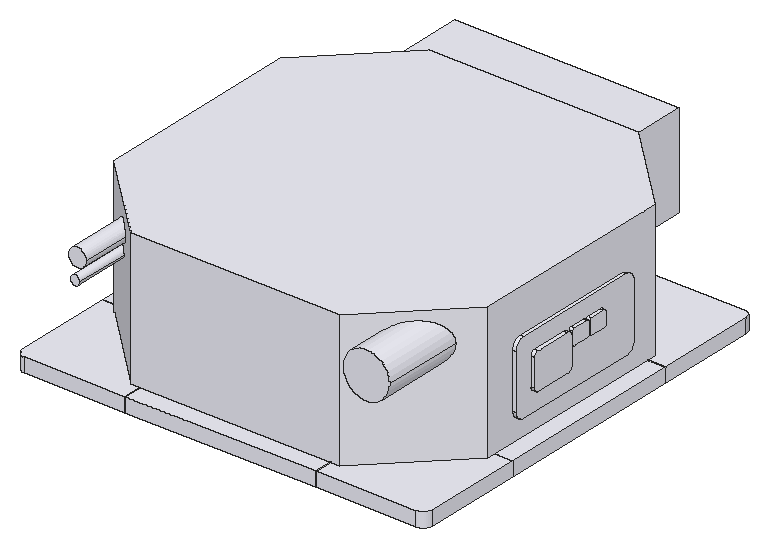
Revit family
Parameters (values of type "PLFY-P08NCMU-E")
  Width = 22 7/16"  # constant formula
  Unit Weight (LBS) = "34"
  Subcategory = "HVAC"
  Standard Air Filter = "Polypropylene Honeycomb"  # constant formula
  Specification URL = "http://www.mrslim.com/customerCare/resources.asp"
  Sound Pressure Levels (dB(A)) = "29-32-38"
  SmartBIM Object Version = 3  # constant formula
  SmartBIM Object Created BY = "Reed Construction Data"  # constant formula
  Refirigerant Pipe diameter (Liquid) = 1/4"
  Refirigerant Pipe diameter (Gas) = 1/2"
  Power Source = "208/230, 1, 60"
  Power Consumption Heating = "0.05 kW"
  Power Consumption Cooling = "0.05 kW"
  Model = "PLFY-P08NCMU-E"
  Manufacturer URL = "http://www.mrslim.com/customerCare/resources.asp"
  Manufacturer = "Mitsubishi Electric"  # constant formula
  MOCP = "15"  # constant formula
  MCA = "0.29"
  Installation URL = "http://www.mrslim.com/customerCare/resources.asp"
  Height = 8 3/16"  # constant formula
  Heating Indoor = "70°F (21°C) DB, Outdoor 47°F (8°C) DB / 43°F (6°C) WB"
  Heating Capacity (BTU) = "9000"
  Grille Net Weight = "13 lbs. / 6 kg"  # constant formula
  General FEATURES-10 = "i-see sensor option uses infrared rays to search for hot"  # constant formula
  General FEATURES-09 = "Multiple sizes up to 36,000 Btu/h"  # constant formula
  General FEATURES-08 = "Outside air capability"  # constant formula
  General FEATURES-07 = "Built-in condensate lift mechanism; lifts to 33-1/2 in."  # constant formula
  General FEATURES-06 = "Corner-pocket design for simplified installation"  # constant formula
  General FEATURES-05 = "Four-speed fan settings and auto fan speed adjustment mode"  # constant formula
  General FEATURES-04 = "Auto wave airflow in heating mode—unit independently"  # constant formula
  General FEATURES-03 = "Customizable wide airflow pattern enables better air"  # constant formula
  General FEATURES-02 = "Lightweight, low-profile compact design"  # constant formula
  General FEATURES-01 = "R410A or R22 refrigerant-compatible"  # constant formula
  Flared Connection 2 = "1/2\""
  Flared Connection 1 = "1/4\""
  Fan capacity (CFM) = "280-320-350"
  Fan Type*Quantity = "Turbo Fan x 1"  # constant formula
  Fan Motor Type = "DC Motor"  # constant formula
  Fan Motor Output = "0.050 kW"  # constant formula
  Emergency Drain Radius = 2 1/8"
  Drain Pipe Radius = 1 1/4"
  Drain Pipe Outer Radius = Drain Pipe Radius + 1/8"  # 1 3/8"
  Description = "Ceiling Recessed Units"  # constant formula
  D = 2 117/128"
  Cut Out Hole Radius = Cut Out Hole Dia / 2  # 1 7/16"
  Cut Out Hole Dia = 2 7/8"
  Current Heating = "0.23 A "
  Current Cooling = "0.23 A "
  Cooling Indoor = "80°F (27°C) DB / 67°F (19°C) WB, Outdoor 95°F (35°C) DB"
  Cooling Capacity (BTU) = "8000"
  C = 3 19/128"
  Auto Vane Air Outlet Width = 2 1/4"  # constant formula
  Auto Vane Air Outlet Length = 10"  # constant formula
  Assembly Code = "D3050200"
  Air Intake Grille = Grille
  Grille Material = Grille
  Depth = 22 7/16"  # constant formula
  Air Inlet Width = 15"  # constant formula
  Air Inlet Height = 15"  # constant formula
  95 CSI = "15760"  # constant formula
  04 CSI = "23 82 19"  # constant formula
  (Option) i-see Sensor Corner Panel = "PAC-SA1ME-E"  # constant formula
  (Option) Wireless Signal Receiver = "PAR-SA9FA-E"  # constant formula
  (Option) Space Panel = "PAC-SH48AS-E"  # constant formula
  (Option) Multi-function Casement = "PAC-SH53TM-E"  # constant formula
  (Option) High-Efficiency Filter (MERV 10) = "AC-SH59KF-E"  # constant formula
  (Option) Flange for Ventilation Air Intake = "PAC-SH65OF-E"  # constant formula
  (Option) Air Outlet Shutter Plate (2 pieces) = "PAC-SH51SP-E"  # constant formula
Types (4): name | Unit Weight (LBS) | Sound Pressure Levels (dB(A)) | Model | MCA | Heating Capacity (BTU) | Fan capacity (CFM) | Cooling Capacity (BTU)
  (no name) | "34" | "29-32-38" | "PLFY-P08NCMU-E" | "0.29" | "9000" | "280-320-350" | "8000"
  PLFY-P08NCMU-E | "34" | "29-32-38" | "PLFY-P08NCMU-E" | "0.29" | "9000" | "280-320-350" | "8000"
  PLFY-P12NCMU-E | "37" | "30-34-39" | "PLFY-P12NCMU-E" | "0.35" | "13500" | "320-350-390" | "12000"
  PLFY-P15NCMU-E | "37" | "31-35-40" | "PLFY-P15NCMU-E" | "0.35" | "17000" | "320-350-390" | "15000"
Reference planes (in)
  plane 1 "Center (Front/Back)": y = -2.70162
  plane 2 "Ceiling": z = 96
  plane 3 "Center (Left/Right)": x = 0.20867
  plane 4: x = -11.01008
  plane 5: x = 11.42742
  plane 6: y = 8.51713
  plane 7: y = -13.92037
  plane 8: z = 103.40625
  plane 9: z = 95.21875
  plane 10: x = 5.42742
  plane 11: x = -5.01008
  plane 12: x = -6.51008
  plane 13: x = 6.92742
  plane 14: y = -9.42037
  plane 15: y = 4.01713
  plane 16: y = 3.29838
  plane 17: y = -7.92037
  plane 18: z = 102.90625
  plane 19: z = 97.75
  plane 20: y = 2.51713
Forms (in)
  Extrusion 1, solid, material "Grille" <- "Grille Material"
    sketch origin (0, 0, 96) x (1, 0, 0) y (0, 1, 0)
      loop
        line (-5.01008, 2.79838) -> (-5.01008, -7.42037)
        arc (-5.01008, -7.42037) -> (-4.86363, -7.77392) -> (-4.51008, -7.92037) r 0.5
        line (-4.51008, -7.92037) -> (4.92742, -7.92037)
        arc (4.92742, -7.92037) -> (5.28097, -7.77392) -> (5.42742, -7.42037) r 0.5
        line (5.42742, -7.42037) -> (5.42742, 2.79838)
        arc (5.42742, 2.79838) -> (5.28097, 3.15194) -> (4.92742, 3.29838) r 0.5
        line (4.92742, 3.29838) -> (-4.51008, 3.29838)
        arc (-4.51008, 3.29838) -> (-4.86363, 3.15194) -> (-5.01008, 2.79838) r 0.5
      loop
        line (-6.79133, -10.20162) -> (7.20867, -10.20162)
        arc (7.20867, -10.20162) -> (7.56222, -10.05517) -> (7.70867, -9.70162) r 0.5
        line (7.70867, -9.70162) -> (7.70867, 4.29838)
        arc (7.70867, 4.29838) -> (7.56222, 4.65194) -> (7.20867, 4.79838) r 0.5
        line (7.20867, 4.79838) -> (-6.79133, 4.79838)
        arc (-6.79133, 4.79838) -> (-7.14488, 4.65194) -> (-7.29133, 4.29838) r 0.5
        line (-7.29133, 4.29838) -> (-7.29133, -9.70162)
        arc (-7.29133, -9.70162) -> (-7.14488, -10.05517) -> (-6.79133, -10.20162) r 0.5
    from -0.78125 to 0
  Extrusion 2, solid, material "Grille" <- "Grille Material"
    sketch origin (0, 0, 96) x (1, 0, 0) y (0, 1, 0)
      loop
        line (-10.51008, -13.92037) -> (-5.01008, -13.92037) -> (-5.01008, -10.20162) -> (-6.79133, -10.20162)
        arc (-6.79133, -10.20162) -> (-7.14488, -10.05517) -> (-7.29133, -9.70162) r 0.5
        line (-7.29133, -9.70162) -> (-7.29133, -7.92037) -> (-11.01008, -7.92037) -> (-11.01008, -13.42037)
        arc (-11.01008, -13.42037) -> (-10.86363, -13.77392) -> (-10.51008, -13.92037) r 0.5
      loop
        arc (10.92742, -13.92037) -> (11.28097, -13.77392) -> (11.42742, -13.42037) r 0.5
        line (11.42742, -13.42037) -> (11.42742, -7.92037) -> (7.70867, -7.92037) -> (7.70867, -9.70162)
        arc (7.70867, -9.70162) -> (7.56222, -10.05517) -> (7.20867, -10.20162) r 0.5
        line (7.20867, -10.20162) -> (5.42742, -10.20162) -> (5.42742, -13.92037) -> (10.92742, -13.92037)
      loop
        arc (-10.51008, 8.51713) -> (-10.86363, 8.37069) -> (-11.01008, 8.01713) r 0.5
        line (-11.01008, 8.01713) -> (-11.01008, 2.51713) -> (-7.29133, 2.51713) -> (-7.29133, 4.29838)
        arc (-7.29133, 4.29838) -> (-7.14488, 4.65194) -> (-6.79133, 4.79838) r 0.5
        line (-6.79133, 4.79838) -> (-5.01008, 4.79838) -> (-5.01008, 8.51713) -> (-10.51008, 8.51713)
      loop
        line (10.92742, 8.51713) -> (5.42742, 8.51713) -> (5.42742, 4.79838) -> (7.20867, 4.79838)
        arc (7.20867, 4.79838) -> (7.56222, 4.65194) -> (7.70867, 4.29838) r 0.5
        line (7.70867, 4.29838) -> (7.70867, 2.51713) -> (11.42742, 2.51713) -> (11.42742, 8.01713)
        arc (11.42742, 8.01713) -> (11.28097, 8.37069) -> (10.92742, 8.51713) r 0.5
    from -0.78125 to 0
  Extrusion 3, solid, material "Grille" <- "Grille Material"
    sketch origin (0, 0, 96) x (1, 0, 0) y (0, 1, 0)
      loop
        line (-11.01008, 2.51713) -> (-11.01008, -7.92037) -> (-8.76008, -7.92037) -> (-8.76008, 2.51713) -> (-11.01008, 2.51713)
      loop
        line (11.42742, 2.51713) -> (9.17742, 2.51713) -> (9.17742, -7.92037) -> (11.42742, -7.92037) -> (11.42742, 2.51713)
      loop
        line (-5.01008, 8.51713) -> (-5.01008, 6.26713) -> (5.42742, 6.26713) -> (5.42742, 8.51713) -> (-5.01008, 8.51713)
      loop
        line (-5.01008, -13.92037) -> (5.42742, -13.92037) -> (5.42742, -11.67037) -> (-5.01008, -11.67037) -> (-5.01008, -13.92037)
    from -0.78125 to 0
  Extrusion 4, solid, material "Grille" <- "Grille Material"
    sketch origin (0.20867, 0.03323, 0) x (0, 1, 0) y (0, 0, 1)
      loop
        line (3.14355, 96) -> (3.04148, 96) -> (2.49444, 95.21875) -> (2.59651, 95.21875) -> (3.14355, 96)
    from -5.21875 to 5.21875
  Extrusion 5, solid, material "Grille" <- "Grille Material"
    sketch origin (0.20867, -10.74309, 0) x (0, 1, 0) y (0, 0, 1)
      loop
        line (3.9248, 96) -> (3.82273, 96) -> (3.27569, 95.21875) -> (3.37776, 95.21875) -> (3.9248, 96)
    from -5.21875 to 5.21875
  Extrusion 6, solid, material "Grille" <- "Grille Material"
    sketch origin (0.20867, -0.56545, 0) x (0, 1, 0) y (0, 0, 1)
      loop
        line (3.14355, 96) -> (3.04148, 96) -> (2.49444, 95.21875) -> (2.59651, 95.21875) -> (3.14355, 96)
    from -5.21875 to 5.21875
  Extrusion 7, solid, material "Grille" <- "Grille Material"
    sketch origin (0.20867, -1.16414, 0) x (0, 1, 0) y (0, 0, 1)
      loop
        line (3.14355, 96) -> (3.04148, 96) -> (2.49444, 95.21875) -> (2.59651, 95.21875) -> (3.14355, 96)
    from -5.21875 to 5.21875
  Extrusion 8, solid, material "Grille" <- "Grille Material"
    sketch origin (0.20867, -1.76282, 0) x (0, 1, 0) y (0, 0, 1)
      loop
        line (3.14355, 96) -> (3.04148, 96) -> (2.49444, 95.21875) -> (2.59651, 95.21875) -> (3.14355, 96)
    from -5.21875 to 5.21875
  Extrusion 9, solid, material "Grille" <- "Grille Material"
    sketch origin (0.20867, -2.36151, 0) x (0, 1, 0) y (0, 0, 1)
      loop
        line (3.14355, 96) -> (3.04148, 96) -> (2.49444, 95.21875) -> (2.59651, 95.21875) -> (3.14355, 96)
    from -5.21875 to 5.21875
  Extrusion 10, solid, material "Grille" <- "Grille Material"
    sketch origin (0.20867, -2.96019, 0) x (0, 1, 0) y (0, 0, 1)
      loop
        line (3.14355, 96) -> (3.04148, 96) -> (2.49444, 95.21875) -> (2.59651, 95.21875) -> (3.14355, 96)
    from -5.21875 to 5.21875
  Extrusion 11, solid, material "Grille" <- "Grille Material"
    sketch origin (0.20867, -3.55888, 0) x (0, 1, 0) y (0, 0, 1)
      loop
        line (3.14355, 96) -> (3.04148, 96) -> (2.49444, 95.21875) -> (2.59651, 95.21875) -> (3.14355, 96)
    from -5.21875 to 5.21875
  Extrusion 12, solid, material "Grille" <- "Grille Material"
    sketch origin (0.20867, -4.15756, 0) x (0, 1, 0) y (0, 0, 1)
      loop
        line (3.14355, 96) -> (3.04148, 96) -> (2.49444, 95.21875) -> (2.59651, 95.21875) -> (3.14355, 96)
    from -5.21875 to 5.21875
  Extrusion 13, solid, material "Grille" <- "Grille Material"
    sketch origin (0.20867, -4.75625, 0) x (0, 1, 0) y (0, 0, 1)
      loop
        line (3.14355, 96) -> (3.04148, 96) -> (2.49444, 95.21875) -> (2.59651, 95.21875) -> (3.14355, 96)
    from -5.21875 to 5.21875
  Extrusion 14, solid, material "Grille" <- "Grille Material"
    sketch origin (0.20867, -5.35493, 0) x (0, 1, 0) y (0, 0, 1)
      loop
        line (3.14355, 96) -> (3.04148, 96) -> (2.49444, 95.21875) -> (2.59651, 95.21875) -> (3.14355, 96)
    from -5.21875 to 5.21875
  Extrusion 15, solid, material "Grille" <- "Grille Material"
    sketch origin (0.20867, -5.95362, 0) x (0, 1, 0) y (0, 0, 1)
      loop
        line (3.14355, 96) -> (3.04148, 96) -> (2.49444, 95.21875) -> (2.59651, 95.21875) -> (3.14355, 96)
    from -5.21875 to 5.21875
  Extrusion 16, solid, material "Grille" <- "Grille Material"
    sketch origin (0.20867, -6.5523, 0) x (0, 1, 0) y (0, 0, 1)
      loop
        line (3.14355, 96) -> (3.04148, 96) -> (2.49444, 95.21875) -> (2.59651, 95.21875) -> (3.14355, 96)
    from -5.21875 to 5.21875
  Extrusion 17, solid, material "Grille" <- "Grille Material"
    sketch origin (0.20867, -7.15099, 0) x (0, 1, 0) y (0, 0, 1)
      loop
        line (3.14355, 96) -> (3.04148, 96) -> (2.49444, 95.21875) -> (2.59651, 95.21875) -> (3.14355, 96)
    from -5.21875 to 5.21875
  Extrusion 18, solid, material "Grille" <- "Grille Material"
    sketch origin (0.20867, -8.34835, 0) x (0, 1, 0) y (0, 0, 1)
      loop
        line (3.9248, 96) -> (3.82273, 96) -> (3.27569, 95.21875) -> (3.37776, 95.21875) -> (3.9248, 96)
    from -5.21875 to 5.21875
  Extrusion 19, solid, material "Grille" <- "Grille Material"
    sketch origin (0.20867, -8.94704, 0) x (0, 1, 0) y (0, 0, 1)
      loop
        line (3.9248, 96) -> (3.82273, 96) -> (3.27569, 95.21875) -> (3.37776, 95.21875) -> (3.9248, 96)
    from -5.21875 to 5.21875
  Extrusion 20, solid, material "Grille" <- "Grille Material"
    sketch origin (0.20867, -9.54572, 0) x (0, 1, 0) y (0, 0, 1)
      loop
        line (3.9248, 96) -> (3.82273, 96) -> (3.27569, 95.21875) -> (3.37776, 95.21875) -> (3.9248, 96)
    from -5.21875 to 5.21875
  Extrusion 21, solid, material "Grille" <- "Grille Material"
    sketch origin (0.20867, -10.14441, 0) x (0, 1, 0) y (0, 0, 1)
      loop
        line (3.9248, 96) -> (3.82273, 96) -> (3.27569, 95.21875) -> (3.37776, 95.21875) -> (3.9248, 96)
    from -5.21875 to 5.21875
  Extrusion 22, solid, material "Grille" <- "Grille Material"
    sketch origin (-0.36105, -2.70162, 0) x (1, 0, 0) y (0, 0, 1)
      loop
        line (-7.81985, 96) -> (-7.99243, 96) -> (-7.33688, 95.21875) -> (-7.16431, 95.21875) -> (-7.81985, 96)
    from -5.21875 to 5.21875
  Extrusion 23, solid, material "Grille" <- "Grille Material"
    sketch origin (0.70097, -2.70162, 0) x (-1, 0, 0) y (0, 0, -1)
      loop
        line (-8.06985, -96) -> (-7.41431, -95.21875) -> (-7.58688, -95.21875) -> (-8.24243, -96) -> (-8.06985, -96)
    from -5.21875 to 5.21875
  Extrusion 24, solid, material "Grille" <- "Grille Material"
    sketch origin (0.20867, -2.3819, 0) x (0, -1, 0) y (0, 0, -1)
      loop
        line (-8.06985, -96) -> (-7.41431, -95.21875) -> (-7.58688, -95.21875) -> (-8.24243, -96) -> (-8.06985, -96)
    from -5.21875 to 5.21875
  Extrusion 25, solid, material "Grille" <- "Grille Material"
    sketch origin (0.20867, -3.02133, 0) x (0, 1, 0) y (0, 0, 1)
      loop
        line (-8.06985, 96) -> (-8.24243, 96) -> (-7.58688, 95.21875) -> (-7.41431, 95.21875) -> (-8.06985, 96)
    from -5.21875 to 5.21875
  Extrusion 26, solid, material "Grille" <- "Grille Material"
    sketch origin (0, 0, 96) x (1, 0, 0) y (0, 1, 0)
      loop
        line (-10.01008, -8.42037) -> (-5.51008, -12.92037) -> (5.92742, -12.92037) -> (10.42742, -8.42037) -> (10.42742, 3.01713) -> (5.92742, 7.51713) -> (-5.51008, 7.51713) -> (-10.01008, 3.01713) -> (-10.01008, -8.42037)
    from 0 to 7.40625
  Extrusion 27, solid, material "Grille" <- "Grille Material"
    sketch origin (0, -2.70162, 0) x (1, 0, 0) y (0, 0, 1)
      loop
        circle (-7.72883, 100.75) r 0.25
      loop
        circle (-7.60383, 101.90625) r 0.5
    from 6.71875 to 11.21875
  Extrusion 28, solid, material "Grille" <- "Grille Material"
    sketch origin (0, -2.70162, 0) x (1, 0, 0) y (0, 0, 1)
      loop
        circle (8.20867, 101.69465) r 1.25
    from 5.21875 to 11.21875
  Extrusion 29, solid, material "Grille" <- "Grille Material"
    sketch origin (0, 0, 96) x (1, 0, 0) y (0, 1, 0)
      loop
        line (5.42742, 7.51713) -> (5.42742, 10.95463) -> (-6.85383, 10.95463) -> (-6.85383, 7.51713) -> (5.42742, 7.51713)
    from 1.75 to 6.90625
  Extrusion 30, solid, material "Grille" <- "Grille Material"
    sketch origin (0.20867, 0, 0) x (0, 1, 0) y (0, 0, 1)
      loop
        line (0.7664, 101.06675) -> (-6.2336, 101.06675)
        arc (-6.2336, 101.06675) -> (-6.58715, 100.9203) -> (-6.7336, 100.56675) r 0.5
        line (-6.7336, 100.56675) -> (-6.7336, 97.56675)
        arc (-6.7336, 97.56675) -> (-6.58715, 97.21319) -> (-6.2336, 97.06675) r 0.5
        line (-6.2336, 97.06675) -> (0.7664, 97.06675)
        arc (0.7664, 97.06675) -> (1.11995, 97.21319) -> (1.2664, 97.56675) r 0.5
        line (1.2664, 97.56675) -> (1.2664, 100.56675)
        arc (1.2664, 100.56675) -> (1.11995, 100.9203) -> (0.7664, 101.06675) r 0.5
    from 10.21875 to 10.46875
  Extrusion 31, solid, material "Grille" <- "Grille Material"
    sketch origin (0.20867, 0, 0) x (0, 1, 0) y (0, 0, 1)
      loop
        arc (-5.54209, 100.18339) -> (-5.71886, 100.11017) -> (-5.79209, 99.93339) r 0.25
        line (-5.79209, 99.93339) -> (-5.79209, 98.43339)
        arc (-5.79209, 98.43339) -> (-5.71886, 98.25661) -> (-5.54209, 98.18339) r 0.25
        line (-5.54209, 98.18339) -> (-3.54209, 98.18339)
        arc (-3.54209, 98.18339) -> (-3.36531, 98.25661) -> (-3.29209, 98.43339) r 0.25
        line (-3.29209, 98.43339) -> (-3.29209, 99.93339)
        arc (-3.29209, 99.93339) -> (-3.36531, 100.11017) -> (-3.54209, 100.18339) r 0.25
        line (-3.54209, 100.18339) -> (-5.54209, 100.18339)
      loop
        arc (-3.06205, 100.18339) -> (-3.13577, 100.15286) -> (-3.1663, 100.07914) r 0.10425
        line (-3.1663, 100.07914) -> (-3.1663, 99.44615)
        arc (-3.1663, 99.44615) -> (-3.13577, 99.37244) -> (-3.06205, 99.3419) r 0.10425
        line (-3.06205, 99.3419) -> (-2.22809, 99.3419)
        arc (-2.22809, 99.3419) -> (-2.15437, 99.37244) -> (-2.12384, 99.44615) r 0.10425
        line (-2.12384, 99.44615) -> (-2.12384, 100.07914)
        arc (-2.12384, 100.07914) -> (-2.15437, 100.15286) -> (-2.22809, 100.18339) r 0.10425
        line (-2.22809, 100.18339) -> (-3.06205, 100.18339)
      loop
        arc (-1.89381, 100.18339) -> (-1.96752, 100.15286) -> (-1.99805, 100.07914) r 0.10425
        line (-1.99805, 100.07914) -> (-1.99805, 99.44615)
        arc (-1.99805, 99.44615) -> (-1.96752, 99.37244) -> (-1.89381, 99.3419) r 0.10425
        line (-1.89381, 99.3419) -> (-1.05984, 99.3419)
        arc (-1.05984, 99.3419) -> (-0.98612, 99.37244) -> (-0.95559, 99.44615) r 0.10425
        line (-0.95559, 99.44615) -> (-0.95559, 100.07914)
        arc (-0.95559, 100.07914) -> (-0.98612, 100.15286) -> (-1.05984, 100.18339) r 0.10425
        line (-1.05984, 100.18339) -> (-1.89381, 100.18339)
    from 10.46875 to 10.71875
Cuts and joins
  joined: Extrusion 26, Extrusion 27, Extrusion 28
Lines and regions (in)
  Opening 1
    outline origin (-59.79133, 57.29838, 96.5) x (-1, 0, 0) y (0, -1, 0)
      loop
        line (-49.78125, 54.28125) -> (-49.78125, 65.71875) -> (-54.28125, 70.21875) -> (-65.71875, 70.21875) -> (-70.21875, 65.71875) -> (-70.21875, 54.28125) -> (-65.71875, 49.78125) -> (-54.28125, 49.78125) -> (-49.78125, 54.28125)
  sketch lines
    curve 1: line (-59.79133, 57.29838, 0) -> (60.20867, 57.29838, 0)
    curve 2: line (-59.79133, 57.29838, 0) -> (-59.79133, -62.70162, 0)
    curve 3: line (-59.79133, -62.70162, 0) -> (60.20867, -62.70162, 0)
    curve 4: line (60.20867, 57.29838, 0) -> (60.20867, -62.70162, 0)
Dimensions and locks (in)
  equal spacing: curve 2, plane 3 "Center (Left/Right)", curve 4
  equal spacing: curve 3, plane 1 "Center (Front/Back)", curve 1
  curve 2 to curve 4 = 120"
  curve 3 to curve 1 = 120"
  equal spacing: plane 6, plane 1 "Center (Front/Back)", plane 7
  "Depth": plane 6 to plane 7
  equal spacing: plane 4, plane 3 "Center (Left/Right)", plane 5
  "Width": plane 4 to plane 5
  locked: plane 2 "Ceiling" to plane 9 at 0.78125
  locked: plane 4 to plane 11 at 6
  locked: plane 10 to plane 5 at 6
  locked: plane 12 to plane 11 at 1.5
  locked: plane 10 to plane 13 at 1.5
  locked: plane 6 to plane 15 at 4.5
  plane 17 to plane 14 to plane 7 = 1 1/2" locked, 4 1/2" locked
  plane 11 to Extrusion 2 sketch curve = 0"
  plane 17 to Extrusion 2 sketch curve = 0"
  Extrusion 2 sketch curve to plane 14 = 9/32"
  Extrusion 2 sketch curve to plane 12 = 9/32"
  Extrusion 2 sketch curve to plane 10 = 0"
  locked: Extrusion 3 sketch curve to Extrusion 3 sketch curve at 2.25  (x4)
  locked: Extrusion 26 sketch curve to plane 5 at 1
  locked: Extrusion 26 sketch curve to plane 7 at 1
  locked: plane 4 to Extrusion 26 sketch curve at 1
  locked: plane 6 to Extrusion 26 sketch curve at 1
  locked: Extrusion 26 sketch curve to Extrusion 26 sketch curve at 6.36396  (x4)
  "Height": plane 8 to plane 9
  plane 8 to plane 2 "Ceiling" = 7 13/32"
  locked: Extrusion 27 sketch curve to plane 2 "Ceiling" at 4.75
  locked: plane 3 "Center (Left/Right)" to Extrusion 27 sketch curve at 7.9375
  locked: plane 8 to Extrusion 27 sketch curve at 1.5
  locked: Extrusion 27 sketch curve to plane 4 at 3.40625
  locked: plane 8 to Extrusion 28 sketch curve at 1.7116
  locked: plane 8 to plane 18 at 0.5
  locked: plane 18 to plane 19 at 5.15625
  plane 8 to Extrusion 30 sketch curve to Extrusion 30 sketch curve = 2.3395" locked, 4" locked
  Extrusion 30 sketch curve to plane 1 "Center (Front/Back)" to Extrusion 30 sketch curve = 4.03199" locked, 3.96801" locked
  locked: Extrusion 30 sketch curve to Extrusion 30 sketch curve at 0.70711  (x4)
  locked: Extrusion 30 to cut or joined group of Extrusion 26, Extrusion 27, Extrusion 28 at 0.25
  Extrusion 30 to Extrusion 31 sketch curve to Extrusion 31 sketch curve to Extrusion 31 sketch curve to Extrusion 31 sketch curve to Extrusion 31 sketch curve to Extrusion 31 sketch curve = 0.94151" locked, 2 1/2" locked, 0.12579" locked, 1.04246" locked, 0.12579" locked, 1.04246" locked
  Extrusion 30 to Extrusion 31 sketch curve to Extrusion 31 sketch curve to Extrusion 31 sketch curve = 0.88336" locked, 0.84149" locked, 1.15851" locked
  locked: Extrusion 31 to Extrusion 30 at 0.25
  plane 12 to plane 13 = 13 7/16"
  locked: plane 15 to plane 20 at 1.5
  locked: Extrusion 2 sketch curve to Extrusion 2 sketch curve at 0.70711  (x4)
  Extrusion 22 sketch curve to Extrusion 3 = 0.4066"
  locked: Extrusion 28 sketch curve to plane 3 "Center (Left/Right)" at 8
  "Refirigerant Pipe diameter (Liquid)": radius of Extrusion 27 sketch curve
  "Refirigerant Pipe diameter (Gas)": radius of Extrusion 27 sketch curve
  "Drain Pipe Radius": radius of Extrusion 28 sketch curve
  aligned and locked: Extrusion 1 sketch curve to plane 11
  aligned and locked: Extrusion 1 sketch curve to plane 16
  aligned and locked: Extrusion 1 sketch curve to plane 10
  aligned and locked: Extrusion 1 sketch curve to plane 17
  aligned and locked: plane 2 "Ceiling" to Extrusion 1
  aligned and locked: Extrusion 1 to plane 9
  aligned and locked: Extrusion 2 sketch curve to Extrusion 2 sketch curve  (x3)
  aligned and locked: plane 2 "Ceiling" to Extrusion 2
  aligned and locked: Extrusion 2 to plane 9
  aligned and locked: Extrusion 2 to Extrusion 3 sketch curve
  aligned and locked: Extrusion 3 sketch curve to Extrusion 2
  aligned and locked: plane 2 "Ceiling" to Extrusion 3
  aligned and locked: Extrusion 3 to plane 9
  aligned and locked: plane 2 "Ceiling" to Extrusion 4
  aligned and locked: plane 2 "Ceiling" to Extrusion 6
  aligned and locked: plane 2 "Ceiling" to Extrusion 7
  aligned and locked: plane 2 "Ceiling" to Extrusion 8
  aligned and locked: plane 2 "Ceiling" to Extrusion 9
  aligned and locked: plane 2 "Ceiling" to Extrusion 10
  aligned and locked: plane 2 "Ceiling" to Extrusion 11  (x2)
  aligned and locked: plane 2 "Ceiling" to Extrusion 12
  aligned and locked: plane 2 "Ceiling" to Extrusion 13
  aligned and locked: plane 2 "Ceiling" to Extrusion 14
  aligned and locked: plane 2 "Ceiling" to Extrusion 15
  aligned and locked: plane 2 "Ceiling" to Extrusion 16
  aligned and locked: plane 2 "Ceiling" to Extrusion 17
  aligned and locked: plane 2 "Ceiling" to Extrusion 18
  aligned and locked: plane 2 "Ceiling" to Extrusion 19
  aligned and locked: plane 2 "Ceiling" to Extrusion 20
  aligned and locked: plane 2 "Ceiling" to Extrusion 21
  aligned and locked: plane 2 "Ceiling" to Extrusion 5
  aligned and locked: plane 2 "Ceiling" to Extrusion 22
  aligned and locked: plane 2 "Ceiling" to Extrusion 23
  aligned and locked: plane 2 "Ceiling" to Extrusion 24
  aligned and locked: plane 2 "Ceiling" to Extrusion 25
  aligned and locked: Extrusion 26 to plane 2 "Ceiling"
  aligned and locked: plane 8 to Extrusion 26
  aligned and locked: Opening 1 sketch curve to Extrusion 26  (x8)
  aligned and locked: Extrusion 27 to plane 14
  aligned and locked: plane 7 to Extrusion 27
  aligned and locked: Extrusion 28 to plane 17
  aligned and locked: Extrusion 28 to plane 7
  aligned and locked: plane 18 to Extrusion 29
  aligned and locked: Extrusion 29 to plane 19
  aligned and locked: host ceiling to Extrusion 29
  aligned and locked: Extrusion 30 to cut or joined group of Extrusion 26, Extrusion 27, Extrusion 28
  aligned and locked: Extrusion 31 sketch curve to Extrusion 31 sketch curve  (x3)
  aligned and locked: Extrusion 31 to Extrusion 30
  aligned and locked: Extrusion 23 to Extrusion 2
  aligned and locked: Extrusion 1 sketch curve to Extrusion 2  (x4)
  aligned and locked: Extrusion 4 to plane 11
  aligned and locked: Extrusion 6 to plane 11
  aligned and locked: Extrusion 7 to plane 11
  aligned and locked: Extrusion 8 to plane 11
  aligned and locked: Extrusion 9 to plane 11
  aligned and locked: Extrusion 11 to plane 11
  aligned and locked: Extrusion 10 to plane 11
  aligned and locked: Extrusion 12 to plane 11
  aligned and locked: Extrusion 13 to plane 11
  aligned and locked: Extrusion 14 to plane 11
  aligned and locked: Extrusion 15 to plane 11
  aligned and locked: Extrusion 16 to plane 11
  aligned and locked: Extrusion 17 to plane 11
  aligned and locked: Extrusion 18 to plane 11
  aligned and locked: Extrusion 19 to plane 11
  aligned and locked: Extrusion 20 to plane 11
  aligned and locked: Extrusion 21 to plane 11
  aligned and locked: Extrusion 5 to plane 11
  aligned and locked: plane 10 to Extrusion 5
  aligned and locked: plane 10 to Extrusion 21
  aligned and locked: plane 10 to Extrusion 20
  aligned and locked: plane 10 to Extrusion 19
  aligned and locked: plane 10 to Extrusion 18
  aligned and locked: plane 10 to Extrusion 17
  aligned and locked: plane 10 to Extrusion 16
  aligned and locked: plane 10 to Extrusion 15
  aligned and locked: plane 10 to Extrusion 14
  aligned and locked: plane 10 to Extrusion 13
  aligned and locked: plane 10 to Extrusion 12
  aligned and locked: plane 10 to Extrusion 11
  aligned and locked: plane 10 to Extrusion 10
  aligned and locked: plane 10 to Extrusion 9
  aligned and locked: plane 10 to Extrusion 8
  aligned and locked: plane 10 to Extrusion 7
  aligned and locked: plane 10 to Extrusion 6
  aligned and locked: plane 10 to Extrusion 4
  aligned and locked: Extrusion 2 sketch curve to plane 11
  aligned and locked: Extrusion 2 sketch curve to plane 10
  aligned and locked: Extrusion 2 to plane 17
  aligned and locked: plane 17 to Extrusion 22
  aligned and locked: plane 20 to Extrusion 2 sketch curve
  aligned and locked: Extrusion 3 to Extrusion 2  (x2)
  aligned and locked: Extrusion 3 to plane 11
  aligned and locked: Extrusion 24 to plane 11
  aligned and locked: Extrusion 1 to Extrusion 25
  aligned and locked: plane 4 to Extrusion 2 sketch curve
  aligned and locked: Extrusion 2 sketch curve to plane 6
  aligned and locked: plane 6 to Extrusion 2 sketch curve
  aligned and locked: plane 5 to Extrusion 2 sketch curve
  aligned and locked: Extrusion 2 sketch curve to plane 5
  aligned and locked: plane 7 to Extrusion 2 sketch curve
  aligned and locked: Extrusion 2 sketch curve to plane 7
  aligned and locked: Extrusion 2 sketch curve to plane 4
  aligned and locked: Extrusion 3 sketch curve to plane 7
  aligned and locked: Extrusion 22 to Extrusion 2
  aligned and locked: plane 10 to Extrusion 25
  aligned and locked: Extrusion 3 to Extrusion 23
  aligned and locked: plane 10 to Extrusion 2 sketch curve
  aligned and locked: Extrusion 24 to Extrusion 2
  aligned and locked: Extrusion 2 to Extrusion 22 sketch curve
  aligned and locked: plane 9 to Extrusion 23 sketch curve
  aligned and locked: Extrusion 25 sketch curve to plane 9
Automatic sketch dimensions
  plane 11 to Extrusion 1 sketch curve = 1/2"  (x2)
  Extrusion 1 sketch curve to plane 10 = 1/2"  (x2)
  Extrusion 4 sketch curve to plane 9 = 0"
  Extrusion 4 sketch curve to plane 2 "Ceiling" = 0"
  plane 16 to Extrusion 4 sketch curve = 0.77071"
  Extrusion 4 sketch curve to Extrusion 4 sketch curve = 0.10207"  (x2)
  plane 16 to Extrusion 4 sketch curve = 0.22367"
  Extrusion 5 sketch curve to plane 9 = 0"
  Extrusion 5 sketch curve to plane 2 "Ceiling" = 0"
  Extrusion 5 sketch curve to plane 17 = 0.45296"
  Extrusion 5 sketch curve to Extrusion 5 sketch curve = 0.10207"  (x2)
  Extrusion 5 sketch curve to Extrusion 5 sketch curve = 0.44497"
  Extrusion 6 sketch curve to plane 9 = 0"
  Extrusion 6 sketch curve to plane 2 "Ceiling" = 0"
  plane 16 to Extrusion 6 sketch curve = 1.3694"
  Extrusion 6 sketch curve to Extrusion 6 sketch curve = 0.10207"  (x2)
  plane 16 to Extrusion 6 sketch curve = 0.82236"
  Extrusion 7 sketch curve to plane 9 = 0"
  Extrusion 7 sketch curve to plane 2 "Ceiling" = 0"
  plane 16 to Extrusion 7 sketch curve = 1.96808"
  Extrusion 7 sketch curve to Extrusion 7 sketch curve = 0.10207"  (x2)
  Extrusion 7 sketch curve to Extrusion 7 sketch curve = 0.44497"
  Extrusion 8 sketch curve to plane 9 = 0"
  Extrusion 8 sketch curve to plane 2 "Ceiling" = 0"
  plane 16 to Extrusion 8 sketch curve = 2.56676"
  Extrusion 8 sketch curve to Extrusion 8 sketch curve = 0.10207"  (x2)
  Extrusion 8 sketch curve to Extrusion 8 sketch curve = 0.44497"
  Extrusion 9 sketch curve to plane 9 = 0"
  Extrusion 9 sketch curve to plane 2 "Ceiling" = 0"
  Extrusion 9 sketch curve to plane 1 "Center (Front/Back)" = 2.83455"
  Extrusion 9 sketch curve to Extrusion 9 sketch curve = 0.10207"  (x2)
  Extrusion 9 sketch curve to Extrusion 9 sketch curve = 0.44497"
  Extrusion 10 sketch curve to plane 9 = 0"
  Extrusion 10 sketch curve to plane 2 "Ceiling" = 0"
  Extrusion 10 sketch curve to plane 1 "Center (Front/Back)" = 2.23587"
  Extrusion 10 sketch curve to Extrusion 10 sketch curve = 0.10207"  (x2)
  Extrusion 10 sketch curve to Extrusion 10 sketch curve = 0.44497"
  Extrusion 11 sketch curve to plane 9 = 0"
  Extrusion 11 sketch curve to plane 2 "Ceiling" = 0"
  Extrusion 11 sketch curve to plane 1 "Center (Front/Back)" = 1.63718"
  Extrusion 11 sketch curve to Extrusion 11 sketch curve = 0.10207"  (x2)
  Extrusion 11 sketch curve to Extrusion 11 sketch curve = 0.44497"
  Extrusion 12 sketch curve to plane 9 = 0"
  Extrusion 12 sketch curve to plane 2 "Ceiling" = 0"
  Extrusion 12 sketch curve to plane 1 "Center (Front/Back)" = 1.0385"
  Extrusion 12 sketch curve to Extrusion 12 sketch curve = 0.10207"  (x2)
  Extrusion 12 sketch curve to Extrusion 12 sketch curve = 0.44497"
  Extrusion 13 sketch curve to plane 9 = 0"
  Extrusion 13 sketch curve to plane 2 "Ceiling" = 0"
  Extrusion 13 sketch curve to plane 1 "Center (Front/Back)" = 0.43981"
  Extrusion 13 sketch curve to Extrusion 13 sketch curve = 0.10207"  (x2)
  Extrusion 13 sketch curve to Extrusion 13 sketch curve = 0.44497"
  Extrusion 14 sketch curve to plane 9 = 0"
  Extrusion 14 sketch curve to plane 2 "Ceiling" = 0"
  plane 1 "Center (Front/Back)" to Extrusion 14 sketch curve = 0.15887"
  plane 1 "Center (Front/Back)" to Extrusion 14 sketch curve = 0.05681"
  Extrusion 14 sketch curve to plane 1 "Center (Front/Back)" = 0.38816"
  Extrusion 14 sketch curve to Extrusion 14 sketch curve = 0.10207"
  Extrusion 15 sketch curve to plane 9 = 0"
  Extrusion 15 sketch curve to plane 2 "Ceiling" = 0"
  plane 1 "Center (Front/Back)" to Extrusion 15 sketch curve = 0.75756"
  Extrusion 15 sketch curve to Extrusion 15 sketch curve = 0.10207"  (x2)
  plane 1 "Center (Front/Back)" to Extrusion 15 sketch curve = 0.21052"
  Extrusion 16 sketch curve to plane 9 = 0"
  Extrusion 16 sketch curve to plane 2 "Ceiling" = 0"
  plane 1 "Center (Front/Back)" to Extrusion 16 sketch curve = 1.35624"
  Extrusion 16 sketch curve to Extrusion 16 sketch curve = 0.10207"  (x2)
  plane 1 "Center (Front/Back)" to Extrusion 16 sketch curve = 0.80921"
  Extrusion 17 sketch curve to plane 9 = 0"
  Extrusion 17 sketch curve to plane 2 "Ceiling" = 0"
  plane 1 "Center (Front/Back)" to Extrusion 17 sketch curve = 1.95493"
  Extrusion 17 sketch curve to Extrusion 17 sketch curve = 0.10207"  (x2)
  Extrusion 17 sketch curve to Extrusion 17 sketch curve = 0.44497"
  Extrusion 18 sketch curve to plane 9 = 0"
  Extrusion 18 sketch curve to plane 2 "Ceiling" = 0"
  Extrusion 18 sketch curve to plane 17 = 2.8477"
  Extrusion 18 sketch curve to Extrusion 18 sketch curve = 0.10207"  (x2)
  Extrusion 18 sketch curve to Extrusion 18 sketch curve = 0.44497"
  Extrusion 19 sketch curve to plane 9 = 0"
  Extrusion 19 sketch curve to plane 2 "Ceiling" = 0"
  Extrusion 19 sketch curve to plane 17 = 2.24902"
  Extrusion 19 sketch curve to Extrusion 19 sketch curve = 0.10207"  (x2)
  Extrusion 19 sketch curve to Extrusion 19 sketch curve = 0.44497"
  Extrusion 20 sketch curve to plane 9 = 0"
  Extrusion 20 sketch curve to plane 2 "Ceiling" = 0"
  Extrusion 20 sketch curve to plane 17 = 1.65033"
  Extrusion 20 sketch curve to Extrusion 20 sketch curve = 0.10207"  (x2)
  Extrusion 20 sketch curve to Extrusion 20 sketch curve = 0.44497"
  Extrusion 21 sketch curve to plane 9 = 0"
  Extrusion 21 sketch curve to plane 2 "Ceiling" = 0"
  Extrusion 21 sketch curve to plane 17 = 1.05165"
  Extrusion 21 sketch curve to Extrusion 21 sketch curve = 0.10207"  (x2)
  Extrusion 21 sketch curve to Extrusion 21 sketch curve = 0.44497"
  plane 2 "Ceiling" to Extrusion 22 sketch curve = 0"
  Extrusion 22 sketch curve to Extrusion 22 sketch curve = 0.17258"  (x2)
  Extrusion 22 sketch curve to Extrusion 22 sketch curve = 0.48297"
  Extrusion 23 sketch curve to plane 2 "Ceiling" = 0"
  Extrusion 23 sketch curve to plane 13 = 2.01598"
  Extrusion 23 sketch curve to Extrusion 23 sketch curve = 0.17258"  (x2)
  Extrusion 23 sketch curve to Extrusion 23 sketch curve = 0.48297"
  Extrusion 24 sketch curve to plane 2 "Ceiling" = 0"
  plane 15 to Extrusion 24 sketch curve = 1.8434"
  Extrusion 24 sketch curve to Extrusion 24 sketch curve = 0.17258"  (x2)
  plane 9 to Extrusion 24 sketch curve = 0"
  Extrusion 24 sketch curve to Extrusion 24 sketch curve = 0.48297"
  Extrusion 25 sketch curve to plane 2 "Ceiling" = 0"
  plane 14 to Extrusion 25 sketch curve = 1.8434"
  Extrusion 25 sketch curve to Extrusion 25 sketch curve = 0.17258"  (x2)
  Extrusion 25 sketch curve to Extrusion 25 sketch curve = 0.48297"
  Extrusion 26 sketch curve to plane 11 = 1/2"  (x2)
  plane 10 to Extrusion 26 sketch curve = 1/2"  (x2)
  Extrusion 29 sketch curve to plane 6 = 1"
  plane 6 to Extrusion 29 sketch curve = 2 7/16"
  Extrusion 29 sketch curve to plane 10 = 0"
  Extrusion 29 sketch curve to plane 12 = 11/32"
  Extrusion 31 sketch curve to Extrusion 31 sketch curve = 1/4"  (x2)
  plane 1 "Center (Front/Back)" to Extrusion 31 sketch curve = 0.84047"
  Extrusion 31 sketch curve to Extrusion 31 sketch curve = 0.10425"  (x5)
  Extrusion 31 sketch curve to plane 1 "Center (Front/Back)" = 0.47353"
  Extrusion 31 sketch curve to plane 1 "Center (Front/Back)" = 0.80781"
  Extrusion 31 sketch curve to Extrusion 31 sketch curve = 0"
  Extrusion 31 sketch curve to Extrusion 31 sketch curve = 0.14575"
  Extrusion 3 sketch curve to plane 11 = 0"
  plane 11 to Extrusion 3 sketch curve = 0"
  Extrusion 3 sketch curve to plane 10 = 0"  (x2)
  plane 16 to Extrusion 3 sketch curve = 25/32"  (x2)
  plane 15 to Extrusion 2 sketch curve = 9/32"  (x2)
  Extrusion 2 sketch curve to plane 12 = 25/32"
  Extrusion 2 sketch curve to Extrusion 2 sketch curve = 1/2"  (x2)
  plane 13 to Extrusion 2 sketch curve = 9/32"  (x2)
  plane 14 to Extrusion 2 sketch curve = 25/32"
  Extrusion 2 sketch curve to plane 12 = 9/32"
  Extrusion 3 sketch curve to plane 6 = 0"
  plane 13 to Extrusion 2 sketch curve = 25/32"
  Extrusion 3 sketch curve to plane 5 = 0"
  Extrusion 3 sketch curve to plane 4 = 0"
Connectors (in)
  piping at (-7.60383, -13.92037, 101.90625), driven by "Refirigerant Pipe diameter (Gas)"
    settings: on cut or joined group of Extrusion 26, Extrusion 27, Extrusion 28, index 1
  piping at (-7.72883, -13.92037, 100.75), driven by "Refirigerant Pipe diameter (Liquid)"
    settings: on cut or joined group of Extrusion 26, Extrusion 27, Extrusion 28, index 2
  piping at (8.20867, -13.92037, 101.69465), driven by "Drain Pipe Radius"
    settings: on cut or joined group of Extrusion 26, Extrusion 27, Extrusion 28, index 3
  electrical at (10.92742, -4.54209, 99.18339)
    settings: on Extrusion 31, index 4
  hvac at (0.20867, -2.31099, 95.21875), driven by "Air Inlet Width", driven by "Air Inlet Height"
    settings: on Extrusion 1, index 5
  hvac at (10.30242, -2.70162, 95.21875), driven by "Auto Vane Air Outlet Width", driven by "Auto Vane Air Outlet Length"
    settings: on Extrusion 3, index 6
  hvac at (0.20867, 7.39213, 95.21875), driven by "Auto Vane Air Outlet Length", driven by "Auto Vane Air Outlet Width"
    settings: on Extrusion 3, index 7
  hvac at (-9.88508, -2.70162, 95.21875), driven by "Auto Vane Air Outlet Length", driven by "Auto Vane Air Outlet Width"
    settings: on Extrusion 3, index 8
  hvac at (0.20867, -12.79537, 95.21875), driven by "Auto Vane Air Outlet Width", driven by "Auto Vane Air Outlet Length"
    settings: on Extrusion 3, index 9
